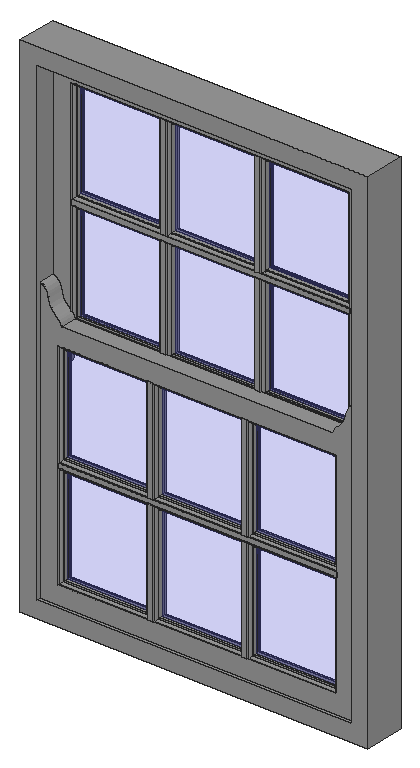
Revit family "HMS2SP", category Windows, host Wall, Revit 2015
Parameters (values of type "HMS2SP")
  Height = 1325 mm
  Default Lintel Height = 2100 mm
  Wall Closure = By host
  Width = 900 mm
Reference planes
  plane 1 "Center (Front/Back)": y = 0
  plane 2 "Center (Left/Right)": x = 0
  plane 3 "Left": x = -450
  plane 4 "Right": x = 450
  plane 5 "Sill": z = 775
  plane 6 "Head": z = 2100
  plane 7 "Exterior": y = 100
  plane 8 "Interior": y = -100
  plane 9: y = -28.5
  plane 10: y = 23.5
  plane 11: z = 1437.5
  plane 12: z = 1466
  plane 13: z = 1409
Forms (mm)
  Sweep 1, solid, material "Lauan, Meranti"
    path origin (-10500, 23.5, 2100) x (0, 0, -1) y (-1, 0, 0)
      loop
        line (0, -10950) -> (1325, -10950) -> (1325, -10050) -> (0, -10050) -> (0, -10950)
    profile origin (0, 23.5, 2100) x (0, 0, 1) y (0, 1, 0)
      loop
        line (0, 29) -> (-42, 29) -> (-42, -76) -> (0, -76) -> (0, 29)
  Extrusion 2, solid, material "Lauan, Meranti"
    sketch origin (-10500, 0, 1900) x (0, 0, -1) y (-1, 0, 0)
      loop
        line (491, -10851) -> (491, -10908) -> (576, -10908)
        spline (576, -10908) -> (568.022, -10895.331) -> (558.494, -10888.581) -> (548.752, -10885.386) -> (540.116, -10883.399) -> (533.202, -10881.197) -> (527.644, -10878.636) -> (523.005, -10875.669) -> (518.783, -10872.149) -> (514.297, -10867.644) -> (508.83, -10861.691) -> (501.472, -10855.147) -> (491, -10851)
      loop
        spline (491, -10149) -> (501.472, -10144.853) -> (508.83, -10138.309) -> (514.297, -10132.356) -> (518.783, -10127.851) -> (523.005, -10124.331) -> (527.644, -10121.364) -> (533.202, -10118.803) -> (540.116, -10116.601) -> (548.752, -10114.614) -> (558.494, -10111.419) -> (568.022, -10104.669) -> (576, -10092)
        line (576, -10092) -> (491, -10092) -> (491, -10149)
    from 0 to 42
  Extrusion 3, solid, material "Lauan, Meranti"
    sketch origin (-10500, -42, 975) x (0, 0, 1) y (1, 0, 0)
      loop
        spline (491, 10851) -> (501.472, 10855.147) -> (508.83, 10861.691) -> (514.297, 10867.644) -> (518.783, 10872.149) -> (523.005, 10875.669) -> (527.644, 10878.636) -> (533.202, 10881.197) -> (540.116, 10883.399) -> (548.752, 10885.386) -> (558.494, 10888.581) -> (568.022, 10895.331) -> (576, 10908)
        line (576, 10908) -> (491, 10908) -> (491, 10851)
      loop
        line (491, 10149) -> (491, 10092) -> (576, 10092)
        spline (576, 10092) -> (568.022, 10104.669) -> (558.494, 10111.419) -> (548.752, 10114.614) -> (540.116, 10116.601) -> (533.202, 10118.803) -> (527.644, 10121.364) -> (523.005, 10124.331) -> (518.783, 10127.851) -> (514.297, 10132.356) -> (508.83, 10138.309) -> (501.472, 10144.853) -> (491, 10149)
    from 0 to 42
  Sweep 4, solid, material "Lauan, Meranti"
    path origin (-10715.172, 23.5, 1989.223) x (0, 0, -1) y (-1, 0, 0)
      loop
        line (-68.777, -11123.172) -> (580.223, -11123.172) -> (580.223, -10307.172) -> (-68.777, -10307.172) -> (-68.777, -11123.172)
    profile origin (0, 23.5, 2058) x (0, 0, 1) y (0, 1, 0)
      loop
        line (-48, 18.5) -> (-48, -6.5) -> (-57, -6.5) -> (-57, -14.499) -> (-53.996, -14.499)
        arc (-53.996, -14.499) -> (-52.238, -18.744) -> (-47.994, -20.502) r 6.002
        line (-47.994, -20.502) -> (-47.994, -23.5) -> (0, -23.5) -> (0, 18.5) -> (-48, 18.5)
  Sweep 5, solid, material "Lauan, Meranti"
    path origin (-10714.35, 23.5, 1653.166) x (0, 0, -1) y (-1, 0, 0)
      loop
        line (187.166, -11122.35) -> (836.166, -11122.35) -> (836.166, -10306.35) -> (187.166, -10306.35) -> (187.166, -11122.35)
    profile origin (0, 23.5, 1466) x (0, 0, 1) y (0, 1, 0)
      loop
        line (0, -65.5) -> (0, -23.5) -> (-48, -23.5) -> (-48, -48.5) -> (-57, -48.5) -> (-57, -56.499) -> (-53.996, -56.499)
        arc (-53.996, -56.499) -> (-52.238, -60.744) -> (-47.994, -62.502) r 6.002
        line (-47.994, -62.502) -> (-47.994, -65.5) -> (0, -65.5)
  Extrusion 6, solid, material "Lauan, Meranti"
    sketch origin (50, 18.5, 171.713) x (1, 0, 0) y (0, 1, 0)
      loop
        line (65.66, 23.5) -> (65.66, -1.5) -> (56.66, -1.5) -> (56.66, -9.5) -> (59.66, -9.5)
        arc (59.66, -9.5) -> (61.417, -13.743) -> (65.66, -15.5) r 6
        line (65.66, -15.5) -> (65.66, -18.5) -> (78.66, -18.5) -> (78.66, -15.5)
        arc (78.66, -15.5) -> (82.903, -13.743) -> (84.66, -9.5) r 6
        line (84.66, -9.5) -> (87.66, -9.5) -> (87.66, -1.5) -> (78.66, -1.5) -> (78.66, 23.5) -> (65.66, 23.5)
      loop
        line (-178.68, 23.5) -> (-178.68, -1.5) -> (-187.68, -1.5) -> (-187.68, -9.5) -> (-184.68, -9.5)
        arc (-184.68, -9.5) -> (-182.923, -13.743) -> (-178.68, -15.5) r 6
        line (-178.68, -15.5) -> (-178.68, -18.5) -> (-165.68, -18.5) -> (-165.68, -15.5)
        arc (-165.68, -15.5) -> (-161.437, -13.743) -> (-159.68, -9.5) r 6
        line (-159.68, -9.5) -> (-156.68, -9.5) -> (-156.68, -1.5) -> (-165.68, -1.5) -> (-165.68, 23.5) -> (-178.68, 23.5)
    from 1568.287 to 1838.287
  Extrusion 7, solid, material "Glass"
    sketch origin (-10450, 17, 2075) x (0, 0, -1) y (-1, 0, 0)
      loop
        line (65, -10810) -> (335, -10810) -> (335, -10578.66) -> (65, -10578.66) -> (65, -10810)
      loop
        line (65, -10565.66) -> (335, -10565.66) -> (335, -10334.32) -> (65, -10334.32) -> (65, -10565.66)
      loop
        line (65, -10321.32) -> (335, -10321.32) -> (335, -10090) -> (65, -10090) -> (65, -10321.32)
      loop
        line (348, -10810) -> (618, -10810) -> (618, -10578.66) -> (348, -10578.66) -> (348, -10810)
      loop
        line (348, -10565.66) -> (618, -10565.66) -> (618, -10334.32) -> (348, -10334.32) -> (348, -10565.66)
      loop
        line (348, -10321.32) -> (618, -10321.32) -> (618, -10090) -> (348, -10090) -> (348, -10321.32)
    from 0 to 6.4
  Sweep 8, solid, material "Lauan, Meranti"
    path origin (76.75, 100, -167.651) x (1, 0, 0) y (0, 0, 1)
      loop
        line (283.25, 2177.651) -> (51.91, 2177.651) -> (51.91, 1907.651) -> (283.25, 1907.651) -> (283.25, 2177.651)
    profile origin (244.33, 100, 2010) x (0, 0, -1) y (0, -1, 0)
      loop
        arc (0, 68.6) -> (4.67, 70.234) -> (7, 74.6) r 6.807
        line (7, 74.6) -> (9, 74.6) -> (9, 76.6) -> (0, 76.6) -> (0, 68.6)
  Sweep 9, solid, material "Lauan, Meranti"
    path origin (-134.25, 100, -167.651) x (1, 0, 0) y (0, 0, 1)
      loop
        line (249.91, 2177.651) -> (18.57, 2177.651) -> (18.57, 1907.651) -> (249.91, 1907.651) -> (249.91, 2177.651)
    profile origin (-0.01, 100, 2010) x (0, 0, -1) y (0, -1, 0)
      loop
        arc (0, 68.6) -> (4.67, 70.234) -> (7, 74.6) r 6.807
        line (7, 74.6) -> (9, 74.6) -> (9, 76.6) -> (0, 76.6) -> (0, 68.6)
  Sweep 10, solid, material "Lauan, Meranti"
    path origin (-345.25, 100, -167.651) x (1, 0, 0) y (0, 0, 1)
      loop
        line (216.57, 2177.651) -> (-14.75, 2177.651) -> (-14.75, 1907.651) -> (216.57, 1907.651) -> (216.57, 2177.651)
    profile origin (-244.34, 100, 2010) x (0, 0, -1) y (0, -1, 0)
      loop
        arc (0, 68.6) -> (4.67, 70.234) -> (7, 74.6) r 6.807
        line (7, 74.6) -> (9, 74.6) -> (9, 76.6) -> (0, 76.6) -> (0, 68.6)
  Extrusion 11, solid, material "Lauan, Meranti"
    sketch origin (1545.5, 18.5, 1733.5) x (0, 0, 1) y (0, 1, 0)
      loop
        line (-6.5, 23.5) -> (-6.5, -1.5) -> (-15.5, -1.5) -> (-15.5, -9.5) -> (-12.5, -9.5)
        arc (-12.5, -9.5) -> (-10.743, -13.743) -> (-6.5, -15.5) r 6
        line (-6.5, -15.5) -> (-6.5, -18.5) -> (6.5, -18.5) -> (6.5, -15.5)
        arc (6.5, -15.5) -> (10.743, -13.743) -> (12.5, -9.5) r 6
        line (12.5, -9.5) -> (15.5, -9.5) -> (15.5, -1.5) -> (6.5, -1.5) -> (6.5, 23.5) -> (-6.5, 23.5)
    from 1185.5 to 1905.5
  Sweep 12, solid, material "Lauan, Meranti"
    path origin (76.75, 100, -425.651) x (1, 0, 0) y (0, 0, 1)
      loop
        line (283.25, 2152.651) -> (51.91, 2152.651) -> (51.91, 1882.651) -> (283.25, 1882.651) -> (283.25, 2152.651)
    profile origin (244.33, 100, 1727) x (0, 0, -1) y (0, -1, 0)
      loop
        arc (0, 68.6) -> (4.67, 70.234) -> (7, 74.6) r 6.807
        line (7, 74.6) -> (9, 74.6) -> (9, 76.6) -> (0, 76.6) -> (0, 68.6)
  Sweep 13, solid, material "Lauan, Meranti"
    path origin (-134.25, 100, -425.651) x (1, 0, 0) y (0, 0, 1)
      loop
        line (249.91, 2152.651) -> (18.57, 2152.651) -> (18.57, 1882.651) -> (249.91, 1882.651) -> (249.91, 2152.651)
    profile origin (-0.01, 100, 1727) x (0, 0, -1) y (0, -1, 0)
      loop
        arc (0, 68.6) -> (4.67, 70.234) -> (7, 74.6) r 6.807
        line (7, 74.6) -> (9, 74.6) -> (9, 76.6) -> (0, 76.6) -> (0, 68.6)
  Sweep 14, solid, material "Lauan, Meranti"
    path origin (-345.25, 100, -425.651) x (1, 0, 0) y (0, 0, 1)
      loop
        line (216.57, 2152.651) -> (-14.75, 2152.651) -> (-14.75, 1882.651) -> (216.57, 1882.651) -> (216.57, 2152.651)
    profile origin (-244.34, 100, 1727) x (0, 0, -1) y (0, -1, 0)
      loop
        arc (0, 68.6) -> (4.67, 70.234) -> (7, 74.6) r 6.807
        line (7, 74.6) -> (9, 74.6) -> (9, 76.6) -> (0, 76.6) -> (0, 68.6)
  Extrusion 15, solid, material "Lauan, Meranti"
    sketch origin (50, 18.5, -111.287) x (1, 0, 0) y (0, 1, 0)
      loop
        line (65.66, 23.5) -> (65.66, -1.5) -> (56.66, -1.5) -> (56.66, -9.5) -> (59.66, -9.5)
        arc (59.66, -9.5) -> (61.417, -13.743) -> (65.66, -15.5) r 6
        line (65.66, -15.5) -> (65.66, -18.5) -> (78.66, -18.5) -> (78.66, -15.5)
        arc (78.66, -15.5) -> (82.903, -13.743) -> (84.66, -9.5) r 6
        line (84.66, -9.5) -> (87.66, -9.5) -> (87.66, -1.5) -> (78.66, -1.5) -> (78.66, 23.5) -> (65.66, 23.5)
      loop
        line (-178.68, 23.5) -> (-178.68, -1.5) -> (-187.68, -1.5) -> (-187.68, -9.5) -> (-184.68, -9.5)
        arc (-184.68, -9.5) -> (-182.923, -13.743) -> (-178.68, -15.5) r 6
        line (-178.68, -15.5) -> (-178.68, -18.5) -> (-165.68, -18.5) -> (-165.68, -15.5)
        arc (-165.68, -15.5) -> (-161.437, -13.743) -> (-159.68, -9.5) r 6
        line (-159.68, -9.5) -> (-156.68, -9.5) -> (-156.68, -1.5) -> (-165.68, -1.5) -> (-165.68, 23.5) -> (-178.68, 23.5)
    from 1568.287 to 1838.287
  Extrusion 16, solid, material "Lauan, Meranti"
    sketch origin (50, -23.5, -420.287) x (1, 0, 0) y (0, 1, 0)
      loop
        line (65.66, 23.5) -> (65.66, -1.5) -> (56.66, -1.5) -> (56.66, -9.5) -> (59.66, -9.5)
        arc (59.66, -9.5) -> (61.417, -13.743) -> (65.66, -15.5) r 6
        line (65.66, -15.5) -> (65.66, -18.5) -> (78.66, -18.5) -> (78.66, -15.5)
        arc (78.66, -15.5) -> (82.903, -13.743) -> (84.66, -9.5) r 6
        line (84.66, -9.5) -> (87.66, -9.5) -> (87.66, -1.5) -> (78.66, -1.5) -> (78.66, 23.5) -> (65.66, 23.5)
      loop
        line (-178.68, 23.5) -> (-178.68, -1.5) -> (-187.68, -1.5) -> (-187.68, -9.5) -> (-184.68, -9.5)
        arc (-184.68, -9.5) -> (-182.923, -13.743) -> (-178.68, -15.5) r 6
        line (-178.68, -15.5) -> (-178.68, -18.5) -> (-165.68, -18.5) -> (-165.68, -15.5)
        arc (-165.68, -15.5) -> (-161.437, -13.743) -> (-159.68, -9.5) r 6
        line (-159.68, -9.5) -> (-156.68, -9.5) -> (-156.68, -1.5) -> (-165.68, -1.5) -> (-165.68, 23.5) -> (-178.68, 23.5)
    from 1568.287 to 1838.287
  Extrusion 17, solid, material "Glass"
    sketch origin (-10450, -25, 1483) x (0, 0, -1) y (-1, 0, 0)
      loop
        line (65, -10810) -> (335, -10810) -> (335, -10578.66) -> (65, -10578.66) -> (65, -10810)
      loop
        line (65, -10565.66) -> (335, -10565.66) -> (335, -10334.32) -> (65, -10334.32) -> (65, -10565.66)
      loop
        line (65, -10321.32) -> (335, -10321.32) -> (335, -10090) -> (65, -10090) -> (65, -10321.32)
      loop
        line (348, -10810) -> (618, -10810) -> (618, -10578.66) -> (348, -10578.66) -> (348, -10810)
      loop
        line (348, -10565.66) -> (618, -10565.66) -> (618, -10334.32) -> (348, -10334.32) -> (348, -10565.66)
      loop
        line (348, -10321.32) -> (618, -10321.32) -> (618, -10090) -> (348, -10090) -> (348, -10321.32)
    from 0 to 6.4
  Sweep 18, solid, material "Lauan, Meranti"
    path origin (76.75, 58, -759.651) x (1, 0, 0) y (0, 0, 1)
      loop
        line (283.25, 2177.651) -> (51.91, 2177.651) -> (51.91, 1907.651) -> (283.25, 1907.651) -> (283.25, 2177.651)
    profile origin (244.33, 58, 1418) x (0, 0, -1) y (0, -1, 0)
      loop
        arc (0, 68.6) -> (4.67, 70.234) -> (7, 74.6) r 6.807
        line (7, 74.6) -> (9, 74.6) -> (9, 76.6) -> (0, 76.6) -> (0, 68.6)
  Sweep 19, solid, material "Lauan, Meranti"
    path origin (-134.25, 58, -759.651) x (1, 0, 0) y (0, 0, 1)
      loop
        line (249.91, 2177.651) -> (18.57, 2177.651) -> (18.57, 1907.651) -> (249.91, 1907.651) -> (249.91, 2177.651)
    profile origin (-0.01, 58, 1418) x (0, 0, -1) y (0, -1, 0)
      loop
        arc (0, 68.6) -> (4.67, 70.234) -> (7, 74.6) r 6.807
        line (7, 74.6) -> (9, 74.6) -> (9, 76.6) -> (0, 76.6) -> (0, 68.6)
  Sweep 20, solid, material "Lauan, Meranti"
    path origin (-345.25, 58, -759.651) x (1, 0, 0) y (0, 0, 1)
      loop
        line (216.57, 2177.651) -> (-14.75, 2177.651) -> (-14.75, 1907.651) -> (216.57, 1907.651) -> (216.57, 2177.651)
    profile origin (-244.34, 58, 1418) x (0, 0, -1) y (0, -1, 0)
      loop
        arc (0, 68.6) -> (4.67, 70.234) -> (7, 74.6) r 6.807
        line (7, 74.6) -> (9, 74.6) -> (9, 76.6) -> (0, 76.6) -> (0, 68.6)
  Extrusion 21, solid, material "Lauan, Meranti"
    sketch origin (1545.5, -23.5, 1141.5) x (0, 0, 1) y (0, 1, 0)
      loop
        line (-6.5, 23.5) -> (-6.5, -1.5) -> (-15.5, -1.5) -> (-15.5, -9.5) -> (-12.5, -9.5)
        arc (-12.5, -9.5) -> (-10.743, -13.743) -> (-6.5, -15.5) r 6
        line (-6.5, -15.5) -> (-6.5, -18.5) -> (6.5, -18.5) -> (6.5, -15.5)
        arc (6.5, -15.5) -> (10.743, -13.743) -> (12.5, -9.5) r 6
        line (12.5, -9.5) -> (15.5, -9.5) -> (15.5, -1.5) -> (6.5, -1.5) -> (6.5, 23.5) -> (-6.5, 23.5)
    from 1185.5 to 1905.5
  Sweep 22, solid, material "Lauan, Meranti"
    path origin (76.75, 58, -1017.651) x (1, 0, 0) y (0, 0, 1)
      loop
        line (283.25, 2152.651) -> (51.91, 2152.651) -> (51.91, 1882.651) -> (283.25, 1882.651) -> (283.25, 2152.651)
    profile origin (244.33, 58, 1135) x (0, 0, -1) y (0, -1, 0)
      loop
        arc (0, 68.6) -> (4.67, 70.234) -> (7, 74.6) r 6.807
        line (7, 74.6) -> (9, 74.6) -> (9, 76.6) -> (0, 76.6) -> (0, 68.6)
  Sweep 23, solid, material "Lauan, Meranti"
    path origin (-134.25, 58, -1017.651) x (1, 0, 0) y (0, 0, 1)
      loop
        line (249.91, 2152.651) -> (18.57, 2152.651) -> (18.57, 1882.651) -> (249.91, 1882.651) -> (249.91, 2152.651)
    profile origin (-0.01, 58, 1135) x (0, 0, -1) y (0, -1, 0)
      loop
        arc (0, 68.6) -> (4.67, 70.234) -> (7, 74.6) r 6.807
        line (7, 74.6) -> (9, 74.6) -> (9, 76.6) -> (0, 76.6) -> (0, 68.6)
  Sweep 24, solid, material "Lauan, Meranti"
    path origin (-345.25, 58, -1017.651) x (1, 0, 0) y (0, 0, 1)
      loop
        line (216.57, 2152.651) -> (-14.75, 2152.651) -> (-14.75, 1882.651) -> (216.57, 1882.651) -> (216.57, 2152.651)
    profile origin (-244.34, 58, 1135) x (0, 0, -1) y (0, -1, 0)
      loop
        arc (0, 68.6) -> (4.67, 70.234) -> (7, 74.6) r 6.807
        line (7, 74.6) -> (9, 74.6) -> (9, 76.6) -> (0, 76.6) -> (0, 68.6)
  Extrusion 25, solid, material "Lauan, Meranti"
    sketch origin (50, -23.5, -703.287) x (1, 0, 0) y (0, 1, 0)
      loop
        line (65.66, 23.5) -> (65.66, -1.5) -> (56.66, -1.5) -> (56.66, -9.5) -> (59.66, -9.5)
        arc (59.66, -9.5) -> (61.417, -13.743) -> (65.66, -15.5) r 6
        line (65.66, -15.5) -> (65.66, -18.5) -> (78.66, -18.5) -> (78.66, -15.5)
        arc (78.66, -15.5) -> (82.903, -13.743) -> (84.66, -9.5) r 6
        line (84.66, -9.5) -> (87.66, -9.5) -> (87.66, -1.5) -> (78.66, -1.5) -> (78.66, 23.5) -> (65.66, 23.5)
      loop
        line (-178.68, 23.5) -> (-178.68, -1.5) -> (-187.68, -1.5) -> (-187.68, -9.5) -> (-184.68, -9.5)
        arc (-184.68, -9.5) -> (-182.923, -13.743) -> (-178.68, -15.5) r 6
        line (-178.68, -15.5) -> (-178.68, -18.5) -> (-165.68, -18.5) -> (-165.68, -15.5)
        arc (-165.68, -15.5) -> (-161.437, -13.743) -> (-159.68, -9.5) r 6
        line (-159.68, -9.5) -> (-156.68, -9.5) -> (-156.68, -1.5) -> (-165.68, -1.5) -> (-165.68, 23.5) -> (-178.68, 23.5)
    from 1568.287 to 1838.287
Cuts and joins
  joined: Extrusion 2, Sweep 4
  joined: Extrusion 3, Sweep 5
Lines and regions (mm)
  Opening 1
    outline origin (3500, -100, 0) x (1, 0, 0) y (0, 0, 1)
      loop
        line (-3050, 775) -> (-3050, 2100) -> (-3950, 2100) -> (-3950, 775) -> (-3050, 775)
  model lines
    curve 1: line (408, 42, 2058) -> (0, 42, 1409)
    curve 2: line (-408, 42, 2058) -> (0, 42, 1409)
Text (mm)
  text "EXTERIOR" at (-1963.203, 1332.353, 0), in view "Ref. Level"
  text "INTERIOR" at (-1981.466, -818.386, 0), in view "Ref. Level"
  text "Exterior" at (0, 923.751, 2943.296), in view "Right"
  text "Exterior" at (0, 1040.484, 2685.409), in view "Left"
Dimensions and locks
  equal spacing: plane 3 "Left", plane 2 "Center (Left/Right)", plane 4 "Right"
  "Width": plane 3 "Left" to plane 4 "Right"
  "Height": plane 5 "Sill" to plane 6 "Head"
  "Default Lintel Height": plane 6 "Head" to level
  locked: plane 7 "Exterior" to host wall at 0
  locked: plane 8 "Interior" to host wall
  locked: plane 10 to plane 9 at 52
  plane 3 "Left" to plane 4 "Right" = 900 mm
  aligned and locked: Sweep 1 sketch curve to host wall  (x4)
  aligned and locked: Sweep 4 sketch curve to Sweep 1  (x2)
  aligned and locked: Sweep 1 to Sweep 4 sketch curve
  aligned and locked: plane 13 to Sweep 4 sketch curve
  aligned and locked: Sweep 5 sketch curve to plane 12
  aligned and locked: Sweep 5 sketch curve to Sweep 1  (x2)
  aligned and locked: Sweep 1 to Sweep 5 sketch curve
  aligned and locked: Extrusion 7 sketch curve to Extrusion 6  (x6)
  aligned and locked: Extrusion 7 sketch curve to Extrusion 11  (x2)
  aligned and locked: Extrusion 7 sketch curve to Extrusion 15  (x6)
  aligned and locked: Sweep 8 sketch curve to Extrusion 6
  aligned and locked: Sweep 8 sketch curve to Extrusion 7
  aligned and locked: Sweep 9 sketch curve to Extrusion 6  (x2)
  aligned and locked: Sweep 9 sketch curve to Extrusion 7
  aligned and locked: Sweep 10 sketch curve to Extrusion 6
  aligned and locked: Sweep 12 sketch curve to Extrusion 7  (x2)
  aligned and locked: Sweep 13 sketch curve to Extrusion 7  (x3)
  aligned and locked: Extrusion 7 to Sweep 14 sketch curve
  aligned and locked: Sweep 14 sketch curve to Extrusion 7
  aligned and locked: Extrusion 17 sketch curve to Extrusion 16  (x6)
  aligned and locked: Extrusion 17 sketch curve to Extrusion 21  (x2)
  aligned and locked: Extrusion 17 sketch curve to Extrusion 25  (x6)
  aligned and locked: Sweep 18 sketch curve to Extrusion 16
  aligned and locked: Sweep 18 sketch curve to Extrusion 17
  aligned and locked: Sweep 19 sketch curve to Extrusion 16  (x2)
  aligned and locked: Sweep 19 sketch curve to Extrusion 17
  aligned and locked: Sweep 20 sketch curve to Extrusion 16
  aligned and locked: Sweep 22 sketch curve to Extrusion 17  (x2)
  aligned and locked: Sweep 23 sketch curve to Extrusion 17  (x3)
  aligned and locked: Extrusion 17 to Sweep 24 sketch curve
  aligned and locked: Sweep 24 sketch curve to Extrusion 17
Automatic sketch dimensions
  plane 3 "Left" to Opening 1 sketch curve = 0 mm
  plane 4 "Right" to Opening 1 sketch curve = 0 mm
  Opening 1 sketch curve to plane 5 "Sill" = 0 mm
  Opening 1 sketch curve to plane 6 "Head" = 0 mm
  profile plane to Sweep 1 sketch curve = 0 mm
  profile plane to Sweep 1 sketch curve = 42 mm
  Sweep 1 sketch curve to plane 10 = 76 mm
  plane 10 to Sweep 1 sketch curve = 29 mm
  plane 2 "Center (Left/Right)" to curve 1 = 0 mm
  curve 2 to plane 13 = 0 mm
  curve 2 to plane 3 "Left" = 42 mm
  plane 4 "Right" to curve 1 = 42 mm
  plane 6 "Head" to curve 2 = 42 mm
  plane 6 "Head" to curve 1 = 42 mm
  Extrusion 2 sketch curve to plane 13 = 0 mm  (x2)
  Extrusion 2 sketch curve to plane 3 "Left" = 42 mm
  Extrusion 2 sketch curve to plane 13 = 85 mm  (x2)
  plane 4 "Right" to Extrusion 2 sketch curve = 42 mm
  Extrusion 2 sketch curve to Extrusion 2 sketch curve = 57 mm  (x2)
  Extrusion 3 sketch curve to plane 12 = 0 mm  (x2)
  Extrusion 3 sketch curve to plane 3 "Left" = 42 mm
  plane 12 to Extrusion 3 sketch curve = 85 mm  (x2)
  plane 4 "Right" to Extrusion 3 sketch curve = 42 mm
  Extrusion 3 sketch curve to Extrusion 3 sketch curve = 57 mm  (x2)
  profile plane to Sweep 4 sketch curve = 0 mm
  Sweep 4 sketch curve to profile plane = 23.5 mm
  profile plane to Sweep 4 sketch curve = 47.994 mm
  Sweep 4 sketch curve to Sweep 4 sketch curve = 0.006 mm
  Sweep 4 sketch curve to Sweep 4 sketch curve = 6.002 mm
  Sweep 4 sketch curve to Sweep 4 sketch curve = 3.004 mm
  Sweep 4 sketch curve to Sweep 4 sketch curve = 2.998 mm
  Sweep 4 sketch curve to profile plane = 6.5 mm
  profile plane to Sweep 4 sketch curve = 18.5 mm
  profile plane to Sweep 5 sketch curve = 0 mm
  Sweep 5 sketch curve to Sweep 5 sketch curve = 47.994 mm
  Sweep 5 sketch curve to Sweep 5 sketch curve = 0.006 mm
  Sweep 5 sketch curve to Sweep 5 sketch curve = 6.002 mm
  Sweep 5 sketch curve to Sweep 5 sketch curve = 3.004 mm
  Sweep 5 sketch curve to profile plane = 65.5 mm
  Sweep 5 sketch curve to Sweep 5 sketch curve = 2.998 mm
  Sweep 5 sketch curve to Sweep 5 sketch curve = 7.999 mm
  Sweep 5 sketch curve to profile plane = 23.5 mm
  host wall to Extrusion 6 sketch curve = 0 mm  (x2)
  Extrusion 6 sketch curve to plane 10 = 6.5 mm  (x4)
  plane 2 "Center (Left/Right)" to Extrusion 6 sketch curve = 137.68 mm
  Extrusion 6 sketch curve to Extrusion 6 sketch curve = 3 mm  (x4)
  Extrusion 6 sketch curve to Extrusion 6 sketch curve = 9 mm  (x2)
  Extrusion 6 sketch curve to host wall = 3 mm  (x3)
  Extrusion 6 sketch curve to Extrusion 6 sketch curve = 6 mm  (x4)
  Extrusion 6 sketch curve to Extrusion 6 sketch curve = 13 mm  (x4)
  Extrusion 6 sketch curve to host wall = 9 mm
  Extrusion 6 sketch curve to plane 2 "Center (Left/Right)" = 106.66 mm
  plane 10 to Extrusion 6 sketch curve = 18.5 mm  (x2)
  plane 6 "Head" to Extrusion 7 sketch curve = 90 mm  (x2)
  Extrusion 7 sketch curve to Extrusion 7 sketch curve = 0 mm  (x3)
  Extrusion 7 sketch curve to plane 12 = 9 mm  (x3)
  plane 4 "Right" to Extrusion 7 sketch curve = 90 mm
  Extrusion 7 sketch curve to plane 3 "Left" = 90 mm
  plane 4 "Right" to Sweep 8 sketch curve = 90 mm
  plane 6 "Head" to Sweep 8 sketch curve = 90 mm
  Sweep 8 sketch curve to profile plane = 0 mm
  Sweep 8 sketch curve to profile plane = 0.241 mm
  Sweep 8 sketch curve to Sweep 8 sketch curve = 6.759 mm
  Sweep 8 sketch curve to Sweep 8 sketch curve = 2 mm  (x2)
  profile plane to Sweep 8 sketch curve = 68.6 mm
  Sweep 8 sketch curve to Sweep 8 sketch curve = 6 mm
  plane 6 "Head" to Sweep 9 sketch curve = 90 mm
  Sweep 9 sketch curve to profile plane = 0 mm
  Sweep 9 sketch curve to profile plane = 0.241 mm
  Sweep 9 sketch curve to Sweep 9 sketch curve = 6.759 mm
  Sweep 9 sketch curve to Sweep 9 sketch curve = 2 mm  (x2)
  profile plane to Sweep 9 sketch curve = 68.6 mm
  Sweep 9 sketch curve to Sweep 9 sketch curve = 6 mm
  Sweep 10 sketch curve to plane 3 "Left" = 90 mm
  plane 12 to Sweep 10 sketch curve = 274 mm
  plane 6 "Head" to Sweep 10 sketch curve = 90 mm
  Sweep 10 sketch curve to profile plane = 0 mm
  Sweep 10 sketch curve to profile plane = 0.241 mm
  Sweep 10 sketch curve to Sweep 10 sketch curve = 6.759 mm
  Sweep 10 sketch curve to Sweep 10 sketch curve = 2 mm  (x2)
  profile plane to Sweep 10 sketch curve = 68.6 mm
  Sweep 10 sketch curve to Sweep 10 sketch curve = 6 mm
  Extrusion 11 sketch curve to host wall = 0 mm
  Extrusion 11 sketch curve to host wall = 9 mm
  plane 12 to Extrusion 11 sketch curve = 252 mm
  Extrusion 11 sketch curve to Extrusion 11 sketch curve = 3 mm  (x3)
  Extrusion 11 sketch curve to Extrusion 11 sketch curve = 9 mm
  Extrusion 11 sketch curve to host wall = 3 mm
  Extrusion 11 sketch curve to Extrusion 11 sketch curve = 13 mm  (x2)
  Extrusion 11 sketch curve to Extrusion 11 sketch curve = 6 mm
  Extrusion 11 sketch curve to plane 10 = 6.5 mm  (x2)
  plane 10 to Extrusion 11 sketch curve = 18.5 mm
  Sweep 12 sketch curve to plane 12 = 9 mm
  plane 4 "Right" to Sweep 12 sketch curve = 90 mm
  Sweep 12 sketch curve to profile plane = 0 mm
  Sweep 12 sketch curve to profile plane = 0.241 mm
  Sweep 12 sketch curve to Sweep 12 sketch curve = 6.759 mm
  Sweep 12 sketch curve to Sweep 12 sketch curve = 2 mm  (x2)
  profile plane to Sweep 12 sketch curve = 68.6 mm
  Sweep 12 sketch curve to Sweep 12 sketch curve = 6 mm
  Sweep 13 sketch curve to plane 12 = 9 mm
  Sweep 13 sketch curve to profile plane = 0 mm
  Sweep 13 sketch curve to profile plane = 0.241 mm
  Sweep 13 sketch curve to Sweep 13 sketch curve = 6.759 mm
  Sweep 13 sketch curve to Sweep 13 sketch curve = 2 mm  (x2)
  profile plane to Sweep 13 sketch curve = 68.6 mm
  Sweep 13 sketch curve to Sweep 13 sketch curve = 6 mm
  Sweep 14 sketch curve to plane 12 = 9 mm
  Sweep 14 sketch curve to plane 3 "Left" = 90 mm
  Sweep 14 sketch curve to profile plane = 0 mm
  Sweep 14 sketch curve to profile plane = 0.241 mm
  Sweep 14 sketch curve to Sweep 14 sketch curve = 6.759 mm
  Sweep 14 sketch curve to Sweep 14 sketch curve = 2 mm  (x2)
  profile plane to Sweep 14 sketch curve = 68.6 mm
  Sweep 14 sketch curve to Sweep 14 sketch curve = 6 mm
  host wall to Extrusion 15 sketch curve = 0 mm  (x2)
  Extrusion 15 sketch curve to plane 10 = 6.5 mm  (x4)
  plane 2 "Center (Left/Right)" to Extrusion 15 sketch curve = 137.68 mm
  Extrusion 15 sketch curve to Extrusion 15 sketch curve = 3 mm  (x4)
  Extrusion 15 sketch curve to Extrusion 15 sketch curve = 9 mm  (x2)
  Extrusion 15 sketch curve to host wall = 3 mm  (x3)
  Extrusion 15 sketch curve to Extrusion 15 sketch curve = 6 mm  (x4)
  Extrusion 15 sketch curve to Extrusion 15 sketch curve = 13 mm  (x4)
  Extrusion 15 sketch curve to host wall = 9 mm
  Extrusion 15 sketch curve to plane 2 "Center (Left/Right)" = 106.66 mm
  plane 10 to Extrusion 15 sketch curve = 18.5 mm  (x2)
  host wall to Extrusion 16 sketch curve = 0 mm  (x2)
  plane 9 to Extrusion 16 sketch curve = 3.5 mm  (x4)
  plane 2 "Center (Left/Right)" to Extrusion 16 sketch curve = 137.68 mm
  Extrusion 16 sketch curve to Extrusion 16 sketch curve = 3 mm  (x8)
  Extrusion 16 sketch curve to Extrusion 16 sketch curve = 9 mm  (x2)
  Extrusion 16 sketch curve to Extrusion 16 sketch curve = 6 mm  (x4)
  Extrusion 16 sketch curve to Extrusion 16 sketch curve = 13 mm  (x4)
  Extrusion 16 sketch curve to plane 9 = 4.5 mm
  Extrusion 16 sketch curve to plane 2 "Center (Left/Right)" = 106.66 mm
  Extrusion 16 sketch curve to plane 9 = 10.5 mm
  plane 13 to Extrusion 17 sketch curve = 9 mm  (x3)
  Extrusion 17 sketch curve to plane 5 "Sill" = 90 mm
  Extrusion 17 sketch curve to Extrusion 17 sketch curve = 0 mm  (x4)
  plane 4 "Right" to Extrusion 17 sketch curve = 90 mm
  Extrusion 17 sketch curve to plane 3 "Left" = 90 mm
  plane 4 "Right" to Sweep 18 sketch curve = 90 mm
  plane 13 to Sweep 18 sketch curve = 9 mm
  Sweep 18 sketch curve to profile plane = 0 mm
  Sweep 18 sketch curve to profile plane = 0.241 mm
  Sweep 18 sketch curve to Sweep 18 sketch curve = 6.759 mm
  Sweep 18 sketch curve to Sweep 18 sketch curve = 2 mm  (x2)
  profile plane to Sweep 18 sketch curve = 68.6 mm
  Sweep 18 sketch curve to Sweep 18 sketch curve = 6 mm
  plane 13 to Sweep 19 sketch curve = 9 mm
  Sweep 19 sketch curve to profile plane = 0 mm
  Sweep 19 sketch curve to profile plane = 0.241 mm
  Sweep 19 sketch curve to Sweep 19 sketch curve = 6.759 mm
  Sweep 19 sketch curve to Sweep 19 sketch curve = 2 mm  (x2)
  profile plane to Sweep 19 sketch curve = 68.6 mm
  Sweep 19 sketch curve to Sweep 19 sketch curve = 6 mm
  Sweep 20 sketch curve to plane 3 "Left" = 90 mm
  Sweep 20 sketch curve to plane 13 = 261 mm
  plane 13 to Sweep 20 sketch curve = 9 mm
  Sweep 20 sketch curve to profile plane = 0 mm
  Sweep 20 sketch curve to profile plane = 0.241 mm
  Sweep 20 sketch curve to Sweep 20 sketch curve = 6.759 mm
  Sweep 20 sketch curve to Sweep 20 sketch curve = 2 mm  (x2)
  profile plane to Sweep 20 sketch curve = 68.6 mm
  Sweep 20 sketch curve to Sweep 20 sketch curve = 6 mm
  Extrusion 21 sketch curve to host wall = 0 mm
  Extrusion 21 sketch curve to plane 9 = 4.5 mm
  Extrusion 21 sketch curve to plane 13 = 283 mm
  Extrusion 21 sketch curve to Extrusion 21 sketch curve = 3 mm  (x3)
  plane 9 to Extrusion 21 sketch curve = 3.5 mm  (x2)
  Extrusion 21 sketch curve to Extrusion 21 sketch curve = 9 mm
  Extrusion 21 sketch curve to Extrusion 21 sketch curve = 6 mm  (x2)
  Extrusion 21 sketch curve to Extrusion 21 sketch curve = 13 mm  (x2)
  Extrusion 21 sketch curve to plane 9 = 10.5 mm
  plane 4 "Right" to Sweep 22 sketch curve = 90 mm
  Sweep 22 sketch curve to plane 5 "Sill" = 90 mm
  Sweep 22 sketch curve to profile plane = 0 mm
  Sweep 22 sketch curve to profile plane = 0.241 mm
  Sweep 22 sketch curve to Sweep 22 sketch curve = 6.759 mm
  Sweep 22 sketch curve to Sweep 22 sketch curve = 2 mm  (x2)
  profile plane to Sweep 22 sketch curve = 68.6 mm
  Sweep 22 sketch curve to Sweep 22 sketch curve = 6 mm
  Sweep 23 sketch curve to plane 5 "Sill" = 90 mm
  Sweep 23 sketch curve to profile plane = 0 mm
  Sweep 23 sketch curve to profile plane = 0.241 mm
  Sweep 23 sketch curve to Sweep 23 sketch curve = 6.759 mm
  Sweep 23 sketch curve to Sweep 23 sketch curve = 2 mm  (x2)
  profile plane to Sweep 23 sketch curve = 68.6 mm
  Sweep 23 sketch curve to Sweep 23 sketch curve = 6 mm
  Sweep 24 sketch curve to plane 3 "Left" = 90 mm
  Sweep 24 sketch curve to plane 5 "Sill" = 90 mm
  Sweep 24 sketch curve to profile plane = 0 mm
  Sweep 24 sketch curve to profile plane = 0.241 mm
  Sweep 24 sketch curve to Sweep 24 sketch curve = 6.759 mm
  Sweep 24 sketch curve to Sweep 24 sketch curve = 2 mm  (x2)
  profile plane to Sweep 24 sketch curve = 68.6 mm
  Sweep 24 sketch curve to Sweep 24 sketch curve = 6 mm
  host wall to Extrusion 25 sketch curve = 0 mm  (x2)
  plane 9 to Extrusion 25 sketch curve = 3.5 mm  (x4)
  plane 2 "Center (Left/Right)" to Extrusion 25 sketch curve = 137.68 mm
  Extrusion 25 sketch curve to Extrusion 25 sketch curve = 3 mm  (x8)
  Extrusion 25 sketch curve to Extrusion 25 sketch curve = 9 mm  (x2)
  Extrusion 25 sketch curve to Extrusion 25 sketch curve = 6 mm  (x4)
  Extrusion 25 sketch curve to Extrusion 25 sketch curve = 13 mm  (x4)
  Extrusion 25 sketch curve to plane 9 = 4.5 mm
  Extrusion 25 sketch curve to plane 2 "Center (Left/Right)" = 106.66 mm
  Extrusion 25 sketch curve to plane 9 = 10.5 mm
